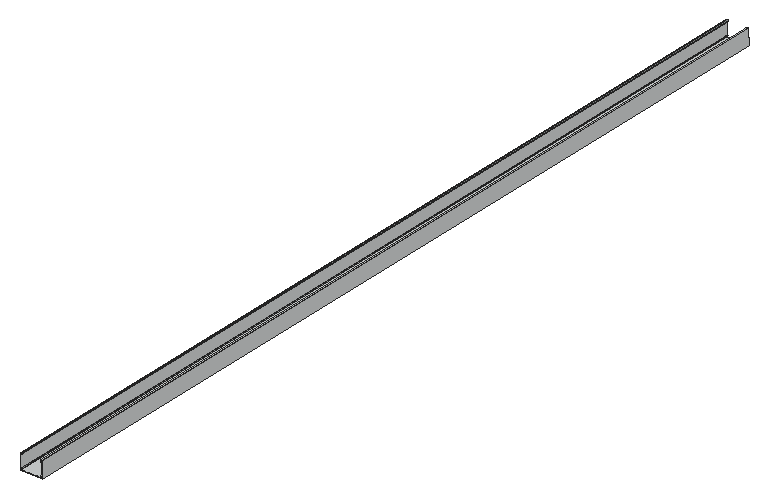
Revit family "Specialty_Equipment-Metal_Raceway-Hubbell_Wiring-Base-HBLALU3800B10", category Specialty Equipment, host Face, Revit 2015
Parameters
  URL = "http://www.hubbell-wiring.com/"
  Product data url = "https://bimobject.com/hubbellwiring/product/hubbell-metal-raceway-alu3800"
  Product Page URL = "http://ecatalog.hubbell-wiring.com/ProductInformation/ViewCatalog.aspx?Dest=hubbell-wiring.com/press/catalog/r.pdf"
  Product Documentation Link = "http://www.hubbell-wiring.com/press/pdfs/h5233r08.pdf"
  Number Of Segments [instance] = roundup(Length / 120.00")  # 1
  Model = "HBLALU3800B10"
  Manufacturer = "Hubbell Wiring Device Kellems"  # constant formula
  Length Note [instance] = "Available in 10 foot Segments"  # constant formula
  Length [instance] = 120.00"
  Host Note = "Add in Section View; Host to Wall"  # constant formula
  Description = "Single Channel Base"  # constant formula
  Default Elevation = 48.00"
  Cable Tray Material = Metal-Hubbell-Aluminum
  B = 3.00"
  Assembly Code = "D5090900"
  A = 2.10"
Reference planes (in)
  plane 1 "Center (Front/Back)": y = 0
  plane 2: z = 0
  plane 3 "Center (Left/Right)": x = 0
  plane 4: x = 3
  plane 5: z = 2.1
Forms (in)
  Extrusion 1, solid, material "Metal-Hubbell-Aluminum" <- "Cable Tray Material"
    sketch origin (0, 0, 0) x (1, 0, 0) y (0, 0, 1)
      loop
        line (0, 2.09474) -> (0, 0) -> (3, 0) -> (3, 2.09474) -> (2.94263, 2.09474) -> (2.94263, 2.0349) -> (2.88028, 2.0349) -> (2.88028, 2.06645)
        arc (2.88028, 2.06645) -> (2.85592, 2.12525) -> (2.79712, 2.14961) r 0.08316
        arc (2.79712, 2.14961) -> (2.77035, 2.10926) -> (2.81794, 2.10029) r 0.02906
        line (2.81794, 2.10029) -> (2.81794, 2.04986)
        arc (2.81794, 2.04986) -> (2.84919, 1.98777) -> (2.91769, 1.97589) r 0.07731
        line (2.91769, 1.97589) -> (2.91769, 0.23067) -> (2.87903, 0.23067)
        arc (2.87903, 0.23067) -> (2.84786, 0.1995) -> (2.87903, 0.16833) r 0.03117
        line (2.87903, 0.16833) -> (2.91769, 0.16833) -> (2.91769, 0.09738)
        arc (2.91769, 0.09738) -> (2.9282, 0.0643) -> (2.89512, 0.07481) r 0.01955
        line (2.89512, 0.07481) -> (0.09738, 0.07481)
        arc (0.09738, 0.07481) -> (0.06353, 0.06353) -> (0.07481, 0.09738) r 0.01995
        line (0.07481, 0.09738) -> (0.07481, 0.16833) -> (0.11347, 0.16833)
        arc (0.11347, 0.16833) -> (0.14464, 0.1995) -> (0.11347, 0.23067) r 0.03117
        line (0.11347, 0.23067) -> (0.07481, 0.23067) -> (0.07481, 1.97589)
        arc (0.07481, 1.97589) -> (0.14331, 1.98777) -> (0.17456, 2.04986) r 0.07731
        line (0.17456, 2.04986) -> (0.17456, 2.10029)
        arc (0.17456, 2.10029) -> (0.22215, 2.10926) -> (0.19538, 2.14961) r 0.02906
        arc (0.19538, 2.14961) -> (0.13658, 2.12525) -> (0.11222, 2.06645) r 0.08316
        line (0.11222, 2.06645) -> (0.11222, 2.0349) -> (0.04988, 2.0349) -> (0.04988, 2.09474) -> (0, 2.09474)
    from 0 to 120
Lines and regions (in)
  symbolic lines
    curve 1: line (0, -120, 0) -> (3, -120, 0)
    curve 2: line (0, 0, 0) -> (0, -120, 0)
    curve 3: line (3, 0, 0) -> (0, 0, 0)
    curve 4: line (3, -120, 0) -> (3, 0, 0)
    curve 5: line (2.9925, 0, 0) -> (2.9925, 0, 2.09474)
    curve 6: line (2.91769, 0, 2.09474) -> (2.91769, 0, 0.07481)
    curve 7: line (2.91769, 0, 0.07481) -> (0.07481, 0, 0.07481)
    curve 8: line (2.9925, 0, 0) -> (0, 0, 0)
    curve 9: line (0.07481, 0, 0.07481) -> (0.07481, 0, 2.09474)
    curve 10: line (0, 0, 2.09474) -> (0, 0, 0)
    curve 11: line (0.07481, 0, 2.09474) -> (0, 0, 2.09474)
    curve 12: line (2.9925, 0, 2.09474) -> (2.91769, 0, 2.09474)
    curve 13: line (0, 0, 0) -> (0, -120, 0)
    curve 14: line (0, 0, 2.14961) -> (0, 0, 0)
    curve 15: line (0, -120, 2.14961) -> (0, 0, 2.14961)
    curve 16: line (0, -120, 0) -> (0, -120, 2.14961)
Dimensions and locks (in)
  "B": plane 4 to plane 3 "Center (Left/Right)"
  "Length": Extrusion 1 to plane 1 "Center (Front/Back)"
  "A": plane 5 to plane 2
  aligned and locked: plane 2 to host face
  aligned and locked: level to host face
  aligned and locked: Extrusion 1 sketch curve to import instance  (x15)
  aligned and locked: plane 4 to Extrusion 1 sketch curve
  aligned and locked: curve 1 to Extrusion 1
  aligned and locked: curve 2 to Extrusion 1
  aligned and locked: curve 3 to Extrusion 1
  aligned and locked: curve 4 to Extrusion 1
  aligned and locked: curve 5 to import instance
  aligned and locked: curve 6 to Extrusion 1
  aligned and locked: curve 7 to Extrusion 1
  aligned and locked: curve 8 to Extrusion 1
  aligned and locked: curve 9 to Extrusion 1
  aligned and locked: curve 10 to Extrusion 1
  aligned and locked: Extrusion 1 to curve 12
  aligned and locked: curve 13 to Extrusion 1
  aligned and locked: curve 14 to Extrusion 1
  aligned and locked: curve 16 to Extrusion 1
Automatic sketch dimensions
  host sketch curve to host sketch curve = 96.00"  (x2)
  Extrusion 1 sketch curve to Extrusion 1 sketch curve = 0.04738"  (x2)
  Extrusion 1 sketch curve to Extrusion 1 sketch curve = 0.00282"  (x2)
  Extrusion 1 sketch curve to Extrusion 1 sketch curve = 0.01975"
  Extrusion 1 sketch curve to Extrusion 1 sketch curve = 0.12057"
  Extrusion 1 sketch curve to Extrusion 1 sketch curve = 0.02082"
  Extrusion 1 sketch curve to Extrusion 1 sketch curve = 0.06234"
  Extrusion 1 sketch curve to Extrusion 1 sketch curve = 0.02257"
  Extrusion 1 sketch curve to Extrusion 1 sketch curve = 0.01496"  (x2)
  Extrusion 1 sketch curve to Extrusion 1 sketch curve = 0.00331"  (x2)
  Extrusion 1 sketch curve to Extrusion 1 sketch curve = 1.74521"
  Extrusion 1 sketch curve to Extrusion 1 sketch curve = 0.01659"
  Extrusion 1 sketch curve to Extrusion 1 sketch curve = 0.05984"  (x2)
  Extrusion 1 sketch curve to Extrusion 1 sketch curve = 0.03384"
  Extrusion 1 sketch curve to Extrusion 1 sketch curve = 0.02027"
  curve 9 to curve 9 = 2.01993"
  level to curve 16 = 2.14961"
